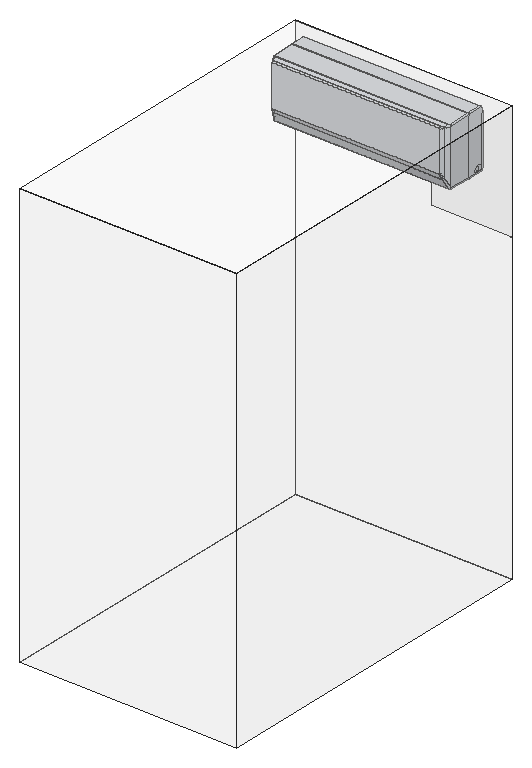
Revit family "pk-rp28112lka20_50hz", category 機械設備, Revit 2019
Family settings
  丸型コネクタ寸法 = 直径を使用
  パーツ タイプ = 標準
  OmniClass 番号 = 23.75.10.24.21.27.27
  OmniClass タイトル = Split System Air Conditioning Units
  作業面ベース = いいえ
  常に垂直 = はい
  ロード時にボイドで切り取り = いいえ
  共有 = いいえ
  部屋計算ポイント = はい
Parameters (values of type "壁掛_PK-RP28LA4")
  風量_静 (m3/min) = 6.3
  風量_強 (m3/min) = 8.7
  風量_弱 (m3/min) = 7.3
  風量_中 (m3/min) = 8
  風量 = MAX風量  # 522.0 m³/h
  音響パワーレベル_静 (dB) = 45
  音響パワーレベル_弱 (dB) = 48
  音響パワーレベル_中 (dB) = 50
  音響パワーレベル_強 (dB) = 52
  音響パワーレベル(dB) = [音響パワーレベル_強 (dB)]  # 52
  電源種別 = ""
  電源_H = 0 mm
  電圧 = 0 V
  電動機出力_送風機 = 0.03 kW
  運転質量 = 0.00 kg
  連動 = ""
  質量 = if(製品質量 > 運転質量, 製品質量, 運転質量) * 1.2  # 15.00 kg
  負荷分類 = 3_ファン類
  構成品番 = "PK-RP28LA4"
  壁掛_PK-RP80_112KA17 = no
  壁掛_PK-RP56_71KA17 = no
  壁掛_PK-RP40_50LA = yes
  冷媒液管位置-Z = 280 mm
  冷媒液管位置-Y = 23 mm
  冷媒液管位置-X = 711 mm
  冷媒ガス管位置-Z = 268 mm
  冷媒ガス管位置-Y = 23 mm
  冷媒ガス管位置-X = 642 mm
  ドレン管径 (外径) = 22 mm
  ドレン位置-Z = 274 mm
  ドレン位置-Y = 37 mm
  ドレン位置-X = 660 mm
  サービススペース PK-RP56KA～PK-RP71KA = no
  サービススペース PK-RP40LA～PK-RP50LA / PK-RP80KA～PK-RP112KA = yes
  【値が 0 の項目は組合せ形名にてご確認ください】 = ""
  URL = "https://www.mitsubishielectric.co.jp/ldg/wink/ssl/top.do"
  Space Top = 50 mm
  Space Right_1 = 260 mm
  Space Right = 150 mm
  Space Left = 50 mm
  Space Bot_2 = 250 mm
  Space Bot_1 = 7 mm
  MIN２風量 = [風量_静 (m3/min)] * 60.0 m³/h  # 378.0 m³/h
  MIN風量 = [風量_弱 (m3/min)] * 60.0 m³/h  # 438.0 m³/h
  MID風量 = [風量_中 (m3/min)] * 60.0 m³/h  # 480.0 m³/h
  MAX風量 = [風量_強 (m3/min)] * 60.0 m³/h  # 522.0 m³/h
  説明 = "店舗・事務所用パッケージエアコン(Mr.SLIM) 壁掛形<ワイヤード>"
  設計暖房能力 = 0.00 kW
  設計冷房能力_顕熱 = 0 kW
  設計冷房能力 = 0 kW
  設置方法 = "壁掛形"
  記号 = ""
  製造元 = "三菱電機株式会社"
  製品質量 = 12.50 kg
  製品出荷対象 = "国内"
  製品リリース年月 = ""
  製品グループ = ""
  系統 = ""
  符号 = "PAC_WR"
  積算_科目 = "1 空気調和設備"
  積算_拾い区分 [instance] = ""
  相 = 1
  盤記号 = ""
  発停方法 = "付属スイッチ"
  特殊仕様 = ""
  火災停止 = ""
  消費電力_暖房 = 0.02 kW
  消費電力_冷房 = 0.03 kW
  消費電力 = if(消費電力_冷房 > 消費電力_暖房, 消費電力_冷房, 消費電力_暖房)  # 0.03 kW
  法定耐用年数 = "6"
  極数 = 1
  材質 = ""
  本体マテリアル = none
  有効加湿量 = 0
  暖房能力 = 2.80 kW
  推奨ブレーカー容量 = 0 A
  形式_加湿器 = ""
  形式 = "壁掛（露出）形"
  幹線記号 = ""
  始動方式 = "直入"
  呼称 = "室内機_壁掛（露出）形"
  周波数 = 50 Hz
  吊り位置Y = 0 mm
  吊り位置X = 0 mm
  吊りボルト_H = 0 mm
  台数_手元リモコン = ""
  台数_冷媒分岐ユニット = ""
  参照している仕様書等のバージョン = "公共建築工事標準仕様書（機械設備工事編）平成31年度版"
  加湿給水管径 = 0.00 mm
  分類コード = "5.0053E+13"
  分類グループ = ""
  冷房能力 = 2.5 kW
  冷媒高低圧ガス管径 = 0.00 mm
  冷媒管径符号 = "Ac"
  冷媒管径 = 100.00 mm
  冷媒液管径 = 6.35 mm
  冷媒ガス管径 = 12.70 mm
  企業コード = "108420"
  付属品_フィルター = ""
  付属品 = ""
  仕様書バージョン = "Version1.0"
  Model = ""
  パネルマテリアル = none
  ドレン管径 = 16.00 mm
  サービススペース = yes
  コメント [instance] = ""
  ケーブル種類 = ""
  ケーブルサイズ = 0 mm
  Width = 898 mm
  Uniclass2015Version = "Systems v1.9"
  Uniclass2015Title = "Split coil remote air cooled condensing units"
  Uniclass2015Code = "Pr_70_65_03_84"
  SpecificationReference = ""
  SpecificationDescription = ""
  S_H = 356 mm
  Revision = ""
  ProductInformation = ""
  OmniClassCode = "23-33 17 13 11"
  IfcTypeProduct = ""
  IfcProduct = ""
  IfcExportType = "AIRCONDITIONINGUNIT"
  IfcExportAs = "IfcUnitaryEquipmentType"
  Height = 299 mm
  Depth = 237 mm
  価格 = 0
  Clearance Top = 50 mm
  Clearance Right = 150 mm
  Clearance Left = 50 mm
  Clearance Front = 1500 mm
  Clearance Bottom = 1800 mm
  Clearance Back = 0 mm
  Author = "三菱電機株式会社"
Reference planes
  plane 1 "中心(正面/背面)": y = 0
  plane 2: z = 11
  plane 3 "中心(左/右)": x = 0
  plane 4: x = -449
  plane 5: x = 449
  plane 6: z = -288
  plane 7: y = -242
  plane 8: y = -5
  plane 9: x = -211
  plane 10: x = -193
  plane 11: x = -262
  plane 12: y = -28
  plane 13: y = -28
  plane 14: y = -42
  plane 15: z = -269
  plane 16: z = -257
  plane 17: z = -263
  plane 18: z = 61
  plane 19: x = -499
  plane 20: x = 599
  plane 21: z = -295
  plane 22: z = -538
  plane 23: x = 189
  plane 24: y = -1742
  plane 25: z = -2088
  plane 26: x = -499
  plane 27: x = 599
  plane 28: y = -28
Forms (mm)
  Extrusion 1, solid, detail levels fine
    sketch origin (-88.875, 0, -1713) x (-1, 0, 0) y (0, 0, 1)
      loop
        line (-487.875, 1574) -> (-487.875, 1549) -> (-462.875, 1549) -> (-462.875, 1574) -> (-487.875, 1574)
    from -1 to 0
  Extrusion 2, solid, detail levels fine
    sketch origin (0, 0, 0) x (0, 1, 0) y (0, 0, 1)
      loop
        circle (-42, -263) r 11
    from 444 to 449
  Extrusion 3, solid, detail levels fine
    sketch origin (0, 0, 0) x (0, 1, 0) y (0, 0, 1)
      loop
        circle (-28, -263) r 15
    from 444 to 449
Dimensions and locks
  equal spacing: plane 5, plane 3 "中心(左/右)", plane 4
  "Width": plane 5 to plane 4
  "Height": level to plane 6
  locked: plane 8 to plane 1 "中心(正面/背面)" at 5
  "Depth": plane 7 to plane 8
  "ドレン位置-X": plane 5 to plane 9
  "冷媒ガス管位置-X": plane 5 to plane 10
  "冷媒液管位置-X": plane 5 to plane 11
  "ドレン位置-Y": plane 14 to plane 8
  "冷媒ガス管位置-Y": plane 13 to plane 8
  "冷媒液管位置-Y": plane 12 to plane 8
  "ドレン位置-Z": level to plane 17
  "冷媒ガス管位置-Z": level to plane 16
  "冷媒液管位置-Z": level to plane 15
  "Space Top": plane 18 to level
  "Space Left": plane 4 to plane 19
  "Space Right": plane 20 to plane 5
  "Space Bot_1": plane 6 to plane 21
  "Space Bot_2": plane 6 to plane 22
  "Space Right_1": plane 5 to plane 23
  equal spacing: plane 16, Extrusion 3 sketch curve, plane 15
  equal spacing: plane 12, Extrusion 3 sketch curve, plane 13
  locked: plane 5 to Extrusion 3 at 5
  "Clearance Front": plane 24 to plane 7
  "Clearance Bottom": plane 6 to plane 25
  "Clearance Left": plane 4 to plane 26
  "Clearance Right": plane 27 to plane 5
  plane 5 to Extrusion 1 sketch curve = 50 mm
  nested 3 to Extrusion 1 sketch curve = 150 mm
  "Clearance Top": nested 4 to plane 2
  "ドレン管径 (外径)": diameter of Extrusion 2 sketch curve
  aligned and locked: level to plane 2
  aligned and locked: plane 1 "中心(正面/背面)" to nested 1
  aligned and locked: plane 1 "中心(正面/背面)" to nested 2
  aligned and locked: plane 1 "中心(正面/背面)" to nested 3
  aligned and locked: level to nested 1
  aligned and locked: level to nested 3
  aligned and locked: plane 3 "中心(左/右)" to nested 2
  aligned and locked: plane 3 "中心(左/右)" to nested 1
  aligned and locked: plane 3 "中心(左/右)" to nested 3
  aligned and locked: plane 14 to Extrusion 2 sketch curve
  aligned and locked: plane 17 to Extrusion 2 sketch curve
  aligned and locked: plane 5 to Extrusion 3
  aligned and locked: plane 5 to Extrusion 2
  aligned and locked: Extrusion 3 to Extrusion 2
  aligned and locked: plane 1 "中心(正面/背面)" to nested 4
  aligned and locked: plane 24 to nested 4
  aligned and locked: plane 25 to nested 4
  aligned and locked: plane 26 to nested 4
  aligned and locked: plane 27 to nested 4
  aligned and locked: plane 18 to nested 4
  aligned and locked: plane 1 "中心(正面/背面)" to nested 5
  aligned and locked: plane 3 "中心(左/右)" to nested 5
  aligned and locked: plane 2 to nested 3
Automatic sketch dimensions
  Extrusion 1 sketch curve to plane 5 = 75 mm
  Extrusion 1 sketch curve to Extrusion 1 sketch curve = 25 mm
  radius of Extrusion 3 sketch curve = 15 mm
Nested families
  nested 1: "pk-rp40_50(la)ka17" at (0, 0, 10), type "壁掛_PK-RP40_50LA", detail levels fine
  nested 2: "pk-rp56_71(la)ka17" at (0, 0, 11), type "壁掛_PK-RP56_71KA17"
    with 壁掛_PK-RP56-71KA17 no
  nested 3: "pk-rp80_112(la)ka17" at (0, 0, 11), type "壁掛_PK-RP80_112KA17"
    with 壁掛_PK-RP80_112KA17 no, 冷媒液管径 6.35 mm, 冷媒ガス管径 12.70 mm
  nested 4: "サービススペース" at (50, -871, -1013.5), visible <- "サービススペース", type "サービススペース"
    with Width 1098 mm, Height 2149 mm, Depth 1742 mm
  nested 5: "Space View" at (0, 0, 11), Bot_1 <- "Space Bot_1", Bot_2 <- "Space Bot_2", Hight <- "Height", Left <- "Space Left", Right <- "Space Right", Right_1 <- "Space Right_1", Top <- "Space Top", Width <- "Width", Space View <- "サービススペース PK-RP40LA～PK-RP50LA / PK-RP80KA～PK-RP112KA", type "Space View"
    with Width 898 mm, Top 50 mm, Space View yes, Right_1 260 mm, Right 150 mm, Left 50 mm, Hight 299 mm, Bot_2 250 mm, Bot_1 7 mm
Connectors
  piping at (449, -42, -263), diameter 22, driven by "ドレン管径 (外径)"
    settings: on Extrusion 2, index 1, connector inside diameter 609.60 mm, connector length 0 mm, flow factor 0, pipe flow 0.0 L/s, pressure drop 0.0 Pa, fitting loss kfactor 0, connector angle 0.00°, fixture units 0, engagement length 0 mm, angle of deflection 0.00°, flow configuration 1, flow direction 2, fitting loss method 4, system type 16, joint type 0, gender type 0, connector reference index -1, connector utility 0, adjustable connector no, is connector primary yes, connector description ""
  piping at (449, -28, -263), diameter 100, driven by "冷媒管径", driven by "冷媒管径符号"
    settings: on Extrusion 3, index 2, connector inside diameter 609.60 mm, connector length 0 mm, flow factor 0, pipe flow 0.0 L/s, pressure drop 0.0 Pa, fitting loss kfactor 0, connector angle 0.00°, fixture units 0, engagement length 0 mm, angle of deflection 0.00°, flow configuration 1, flow direction 1, fitting loss method 4, system type 7, joint type 0, gender type 0, connector reference index -1, connector utility 0, adjustable connector no, is connector primary no, connector description "Ac"
  electrical at (386.5, 0, -151.5), driven by "極数", driven by "負荷分類", driven by "電圧", driven by "消費電力"
    settings: on Extrusion 1, index 3, voltage 0 V, apparent load 30 VA, apparent load phase1 0 VA, apparent load phase2 0 VA, apparent load phase3 0 VA, power factor 1, load classification "3_ファン類", number of poles 1, system type 30, power factor state 1, is connector primary yes, connector utility no, sub classification motor no, connector description ""
Definition of nested family "pk-rp40_50(la)ka17"
  Parameters (values of type "壁掛_PK-RP40_50LA")
    壁掛_PK-RP40_50LA = yes
    冷媒液管位置-Y = 37 mm
    冷媒液管位置-X = 711 mm
    冷媒ガス管位置-Y = 23 mm
    冷媒ガス管位置-X = 642 mm
    ドレン管径 (外径) = 22 mm
    ドレン位置-Y = 23 mm
    ドレン位置-X = 660 mm
    URL = ""
    Description = ""
    Manufacturer = ""
    冷媒管径符号 = "Ac"
    冷媒管径 = 100.00 mm
    冷媒液管位置-Z = 280 mm
    冷媒液管径 = 6.35 mm
    冷媒ガス管位置-Z = 268 mm
    冷媒ガス管径 = 12.70 mm
    Model = ""
    ドレン位置-Z = 274 mm
    ドレン管径 = 16.00 mm
    Width = 898 mm
    S_H = 356 mm
    Height = 299 mm
    Depth = 237 mm
    Cost = 0
  Reference planes
    plane 1 "中心(正面/背面)": y = 0
    plane 2: z = 1
    plane 3 "中心(左/右)": x = 0
    plane 4 "UNDER": z = -298
    plane 5 "Left": x = -449
    plane 6: x = 449
    plane 7 "Fkidasi_L": x = -400
    plane 8 "Fkidasi_X": x = -262
    plane 9 "Fkidasi_Y": x = -193
    plane 10: y = -5
    plane 11: y = -42
    plane 12: y = -242
    plane 13: z = -279
    plane 14: z = -267
    plane 15: z = -273
    plane 16: y = -28
    plane 17: y = -28
    plane 18: x = -211
    plane 19: z = 1
    plane 20: x = 0
    plane 21: x = 0
  Forms (mm)
    Extrusion 1, void, detail levels fine
      sketch origin (0, 75, -2499) x (0, -1, 0) y (0, 0, 1)
        loop
          line (89, 2500) -> (80, 2500) -> (80, 2487) -> (89, 2500)
      from 449 to -449
    Extrusion 2, solid, visible <- "壁掛_PK-RP40_50LA", detail levels fine
      sketch origin (0, 0, -2509.072) x (-1, 0, 0) y (0, 0, 1)
        loop
          line (449, 2485.072) -> (-449, 2485.072) -> (-449, 2224.072) -> (449, 2224.072) -> (449, 2485.072)
      from 0 to -5
    Extrusion 3, solid, visible <- "壁掛_PK-RP40_50LA", detail levels fine
      sketch origin (0, -5, -2499) x (0, 0, -1) y (-1, 0, 0)
        loop
          line (-2500, 444) -> (-2500, -444)
          arc (-2500, -444) -> (-2498.536, -447.536) -> (-2495, -449) r 5
          line (-2495, -449) -> (-2206, -449)
          arc (-2206, -449) -> (-2202.464, -447.536) -> (-2201, -444) r 5
          line (-2201, -444) -> (-2201, 444)
          arc (-2201, 444) -> (-2202.464, 447.536) -> (-2206, 449) r 5
          line (-2206, 449) -> (-2495, 449)
          arc (-2495, 449) -> (-2498.536, 447.536) -> (-2500, 444) r 5
      from 0 to -83
    Blend 4, solid, visible <- "壁掛_PK-RP40_50LA"
      base sketch origin (0, -202, -1799) x (0, 0, 1) y (1, 0, 0)
        loop
          line (1796, -444) -> (1796, 444)
          arc (1796, 444) -> (1794.536, 447.536) -> (1791, 449) r 5
          line (1791, 449) -> (1515, 449)
          arc (1515, 449) -> (1508.636, 446.364) -> (1506, 440) r 9
          line (1506, 440) -> (1506, -440)
          arc (1506, -440) -> (1508.636, -446.364) -> (1515, -449) r 9
          line (1515, -449) -> (1791, -449)
          arc (1791, -449) -> (1794.536, -447.536) -> (1796, -444) r 5
      top sketch origin (0, -202, -1799) x (0, 0, 1) y (1, 0, 0)
        loop
          line (1793, -427) -> (1793, 427)
          arc (1793, 427) -> (1791.536, 430.536) -> (1788, 432) r 5
          line (1788, 432) -> (1559, 432)
          arc (1559, 432) -> (1555.464, 430.536) -> (1554, 427) r 5
          line (1554, 427) -> (1554, -427)
          arc (1554, -427) -> (1555.464, -430.536) -> (1559, -432) r 5
          line (1559, -432) -> (1788, -432)
          arc (1788, -432) -> (1791.536, -430.536) -> (1793, -427) r 5
      from 0 to -25
    Blend 5, solid, visible <- "壁掛_PK-RP40_50LA", detail levels fine
      base sketch origin (0, -227, -1799) x (0, 0, 1) y (1, 0, 0)
        loop
          arc (1793, 427) -> (1791.536, 430.536) -> (1788, 432) r 5
          line (1788, 432) -> (1559, 432)
          arc (1559, 432) -> (1555.464, 430.536) -> (1554, 427) r 5
          line (1554, 427) -> (1554, -427)
          arc (1554, -427) -> (1555.464, -430.536) -> (1559, -432) r 5
          line (1559, -432) -> (1788, -432)
          arc (1788, -432) -> (1791.536, -430.536) -> (1793, -427) r 5
          line (1793, -427) -> (1793, 427)
      top sketch origin (0, -227, -1799) x (0, 0, 1) y (1, 0, 0)
        loop
          line (1793, -419) -> (1793, 419)
          arc (1793, 419) -> (1791.536, 422.536) -> (1788, 424) r 5
          line (1788, 424) -> (1590, 424)
          arc (1590, 424) -> (1586.464, 422.536) -> (1585, 419) r 5
          line (1585, 419) -> (1585, -419)
          arc (1585, -419) -> (1586.464, -422.536) -> (1590, -424) r 5
          line (1590, -424) -> (1788, -424)
          arc (1788, -424) -> (1791.536, -422.536) -> (1793, -419) r 5
      from 0 to -15
    Blend 6, solid, visible <- "壁掛_PK-RP40_50LA", detail levels fine
      base sketch origin (62.5, -88, -1799) x (0, 0, 1) y (1, 0, 0)
        loop
          arc (1800, 381.5) -> (1798.536, 385.036) -> (1795, 386.5) r 5
          line (1795, 386.5) -> (1506, 386.5)
          arc (1506, 386.5) -> (1502.464, 385.036) -> (1501, 381.5) r 5
          line (1501, 381.5) -> (1501, -506.5)
          arc (1501, -506.5) -> (1502.464, -510.036) -> (1506, -511.5) r 5
          line (1506, -511.5) -> (1795, -511.5)
          arc (1795, -511.5) -> (1798.536, -510.036) -> (1800, -506.5) r 5
          line (1800, -506.5) -> (1800, 381.5)
      top sketch origin (62.5, -88, -1799) x (0, 0, 1) y (1, 0, 0)
        loop
          line (1796, -506.5) -> (1796, 381.5)
          arc (1796, 381.5) -> (1794.536, 385.036) -> (1791, 386.5) r 5
          line (1791, 386.5) -> (1511, 386.5)
          arc (1511, 386.5) -> (1507.464, 385.036) -> (1506, 381.5) r 5
          line (1506, 381.5) -> (1506, -502.5)
          arc (1506, -502.5) -> (1508.636, -508.864) -> (1515, -511.5) r 9
          line (1515, -511.5) -> (1791, -511.5)
          arc (1791, -511.5) -> (1794.536, -510.036) -> (1796, -506.5) r 5
      from 0 to -114
    Sweep 7, solid, visible <- "壁掛_PK-RP40_50LA", detail levels fine
      path origin (0, 75, -1799) x (-1, 0, 0) y (0, 0, 1)
        loop
          line (262, 1521) -> (-271, 1521)
      profile origin (4.5, 75, -278) x (0, 0, -1) y (0, 1, 0)
        loop
          circle (1, -103) r 3.175
    Sweep 8, solid, visible <- "壁掛_PK-RP40_50LA", detail levels fine
      path origin (0, 75, -1799) x (-1, 0, 0) y (0, 0, 1)
        loop
          line (-257, 1533) -> (193, 1533)
      profile origin (32, 75, -266) x (0, 0, 1) y (0, 1, 0)
        loop
          circle (-1, -103) r 6.35
    Sweep 9, solid, visible <- "壁掛_PK-RP40_50LA", detail levels fine
      path origin (0, 75, -1799) x (-1, 0, 0) y (0, 0, 1)
        loop
          line (211, 1527) -> (-289, 1527)
      profile origin (39, 75, -272) x (0, 0, -1) y (0, 1, 0)
        loop
          circle (1, -117) r 11
  Cuts and joins
    Extrusion 1 cuts Extrusion 3
  Lines and regions (mm)
    model lines, visible <- "壁掛_PK-RP40_50LA", detail levels fine
      curve 1: line (274, -5, -298) -> (274, -54, -298)
      curve 2: line (292, -72, -298) -> (331, -72, -298)
      curve 3: line (349, -54, -298) -> (349, -5, -298)
      curve 4: line (324, -54, -298) -> (324, -5, -298)
      curve 5: arc (292, -72, -298) -> (279.272, -66.728, -298) -> (274, -54, -298) r 18
      curve 6: arc (306, -72, -298) -> (318.728, -66.728, -298) -> (324, -54, -298) r 18
      curve 7: arc (331, -72, -298) -> (343.728, -66.728, -298) -> (349, -54, -298) r 18
      curve 8: line (-430, -5, -298) -> (-430, -54, -298)
      curve 9: line (-412, -72, -298) -> (-378, -72, -298)
      curve 10: line (-360, -54, -298) -> (-360, -5, -298)
      curve 11: line (-399.073, -53.123, -298) -> (-399.073, -5, -298)
      curve 12: arc (-412, -72, -298) -> (-424.728, -66.728, -298) -> (-430, -54, -298) r 18
      curve 13: arc (-399.073, -53.123, -298) -> (-394.55, -65.481, -298) -> (-383.118, -72, -298) r 19.145
      curve 14: arc (-360, -54, -298) -> (-365.272, -66.728, -298) -> (-378, -72, -298) r 18
      curve 15: line (366.5, -202, -293) -> (366.5, -208.929, -279.696)
      curve 16: line (366.5, -208.929, -279.696) -> (326.5, -208.929, -279.696)
      curve 17: line (326.5, -208.929, -279.696) -> (326.5, -202, -293)
      curve 18: line (326.5, -202, -293) -> (326.5, -188.513, -293.592)
      curve 19: line (326.5, -188.513, -293.592) -> (366.5, -188.513, -293.592)
      curve 20: line (366.5, -188.513, -293.592) -> (366.5, -202, -293)
      curve 21: line (449, -5, -229) -> (449, -52, -229)
      curve 22: line (449, -70, -247) -> (449, -70, -270)
      curve 23: line (449, -52, -288) -> (449, -5, -288)
      curve 24: line (449, -49.143, -241) -> (449, -5, -241)
      curve 25: arc (449, -52, -288) -> (449, -64.728, -282.728) -> (449, -70, -270) r 18
      curve 26: arc (449, -52, -229) -> (449, -64.728, -234.272) -> (449, -70, -247) r 18
      curve 27: arc (449, -70, -261.857) -> (449, -63.891, -247.109) -> (449, -49.143, -241) r 20.857
      curve 28: line (-449, -5, -288) -> (-449, -52, -288)
      curve 29: line (-449, -70, -270) -> (-449, -70, -236)
      curve 30: line (-449, -52, -218) -> (-449, -5, -218)
      curve 31: line (-449, -5, -238) -> (-449, -52, -238)
      curve 32: arc (-449, -52, -288) -> (-449, -64.728, -282.728) -> (-449, -70, -270) r 18
      curve 33: arc (-449, -70, -236) -> (-449, -64.728, -223.272) -> (-449, -52, -218) r 18
      curve 34: arc (-449, -70, -256) -> (-449, -64.728, -243.272) -> (-449, -52, -238) r 18
      curve 35: line (-400, -227, -245) -> (-400, -202, -293)
      curve 36: line (250, -227, -245) -> (250, -202, -293)
      curve 37: line (250, -202, -293) -> (250, -88, -298)
      curve 38: line (-400, -200.122, -293.082) -> (-400, -88, -298)
  Dimensions and locks
    "Width": plane 5 "Left" to plane 6
    plane 5 "Left" to plane 3 "中心(左/右)" to plane 6 = 449 mm, 449 mm
    equal spacing: plane 5 "Left", plane 3 "中心(左/右)", plane 6
    "Depth": plane 10 to plane 12
    "ドレン位置-Z": level to plane 15
    "冷媒ガス管位置-Z": level to plane 14
    "冷媒液管位置-Z": level to plane 13
    "Height": level to plane 4 "UNDER"
    "ドレン位置-Y": plane 10 to plane 17
    "冷媒ガス管位置-Y": plane 10 to plane 16
    "冷媒液管位置-Y": plane 10 to plane 11
    "冷媒液管位置-X": plane 6 to plane 8 "Fkidasi_X"
    "冷媒ガス管位置-X": plane 6 to plane 9 "Fkidasi_Y"
    "ドレン位置-X": plane 6 to plane 18
    locked: plane 10 to plane 1 "中心(正面/背面)" at 5
    "冷媒液管径": diameter of Sweep 7 sketch curve
    "冷媒ガス管径": diameter of Sweep 8 sketch curve
    "ドレン管径 (外径)": diameter of Sweep 9 sketch curve
    aligned and locked: level to plane 2
    aligned and locked: Sweep 8 to plane 9 "Fkidasi_Y"  (x2)
    aligned and locked: Sweep 7 to plane 8 "Fkidasi_X"
    aligned and locked: plane 12 to Blend 5
    aligned and locked: plane 15 to Sweep 9 sketch curve
    aligned and locked: plane 14 to Sweep 8 sketch curve
    aligned and locked: plane 13 to Sweep 7 sketch curve
    aligned and locked: plane 17 to Sweep 7 sketch curve
    aligned and locked: plane 16 to Sweep 8 sketch curve
    aligned and locked: plane 11 to Sweep 9 sketch curve
    aligned and locked: plane 20 to plane 3 "中心(左/右)"
    aligned and locked: plane 21 to plane 20
  Automatic sketch dimensions
    Extrusion 1 sketch curve to plane 10 = 0 mm
    Extrusion 1 sketch curve to plane 10 = 9 mm
    Extrusion 2 sketch curve to plane 6 = 0 mm
    plane 5 "Left" to Extrusion 2 sketch curve = 0 mm
    Extrusion 2 sketch curve to level = 286 mm
    Extrusion 3 sketch curve to plane 6 = 0 mm
    plane 5 "Left" to Extrusion 3 sketch curve = 0 mm
    Extrusion 3 sketch curve to level = 299 mm
    Extrusion 3 sketch curve to level = 294 mm  (x2)
    plane 5 "Left" to Blend 4 sketch curve = 0 mm
    Blend 4 sketch curve to plane 6 = 0 mm
    Blend 4 sketch curve to level = 294 mm
    Blend 4 sketch curve to Blend 4 sketch curve = 9 mm  (x2)
    Blend 4 sketch curve to plane 6 = 5 mm
    Blend 4 sketch curve to plane 6 = 22 mm
    Blend 4 sketch curve to level = 246 mm
    Blend 4 sketch curve to Blend 4 sketch curve = 5 mm  (x4)
    Blend 4 sketch curve to plane 5 "Left" = 22 mm
    Blend 5 sketch curve to level = 246 mm
    Blend 5 sketch curve to Blend 5 sketch curve = 5 mm  (x7)
    Blend 5 sketch curve to plane 5 "Left" = 17 mm
    Blend 5 sketch curve to plane 6 = 22 mm
    Blend 5 sketch curve to plane 7 "Fkidasi_L" = 19 mm
    Blend 5 sketch curve to level = 215 mm
    Blend 5 sketch curve to plane 6 = 30 mm
    Blend 6 sketch curve to level = 299 mm
    Blend 6 sketch curve to plane 6 = 0 mm  (x2)
    plane 5 "Left" to Blend 6 sketch curve = 0 mm  (x2)
    Blend 6 sketch curve to level = 294 mm  (x3)
    Blend 6 sketch curve to plane 6 = 5 mm  (x2)
    Blend 6 sketch curve to Blend 6 sketch curve = 9 mm
    curve 11 to Extrusion 3 = 0 mm
    curve 1 to Extrusion 3 = 0 mm
    curve 8 to Extrusion 3 = 0 mm
    curve 4 to Extrusion 3 = 0 mm
    curve 3 to Extrusion 3 = 0 mm
    curve 10 to Extrusion 3 = 0 mm
    curve 13 to Extrusion 3 = 34.877 mm
    curve 12 to curve 13 = 0.877 mm
    curve 10 to curve 13 = 0.877 mm
    curve 3 to Extrusion 3 = 34 mm
    curve 4 to curve 7 = 0 mm
    curve 9 to Extrusion 3 = 16 mm
    curve 2 to Extrusion 3 = 16 mm
    Extrusion 3 to curve 3 = 95 mm
    curve 7 to curve 4 = 7 mm
    curve 6 to curve 2 = 14 mm
    Extrusion 3 to curve 10 = 84 mm
    curve 14 to curve 13 = 1.927 mm
    curve 13 to curve 11 = 19.145 mm
    curve 13 to curve 12 = 12.927 mm
    curve 35 to Blend 4 = 0 mm
    Blend 4 to curve 35 = 0 mm
    Blend 4 to curve 36 = 0 mm
    curve 36 to Blend 4 = 0 mm
    curve 17 to Blend 4 = 0 mm
    curve 15 to Blend 4 = 0 mm
    Blend 4 to curve 17 = 15 mm
    curve 17 to Blend 4 = 106.857 mm
    curve 16 to curve 15 = 40 mm
    curve 36 to curve 17 = 76.5 mm
    curve 35 to curve 36 = 650 mm
    curve 38 to Blend 6 = 0 mm
    curve 37 to Blend 6 = 0 mm
    Blend 6 to curve 37 = 0 mm
    Blend 6 to curve 18 = 0 mm
    Blend 6 to curve 20 = 0 mm
    Blend 6 to curve 19 = 13.5 mm
    curve 19 to Blend 6 = 117.5 mm
    curve 18 to curve 19 = 40 mm
    curve 37 to curve 18 = 76.5 mm
    curve 38 to curve 37 = 650 mm
    Blend 6 to curve 38 = 1.879 mm
    curve 21 to Extrusion 3 = 0 mm
    curve 24 to Extrusion 3 = 0 mm
    curve 23 to Extrusion 3 = 0 mm
    curve 21 to curve 24 = 12 mm
    Extrusion 3 to curve 22 = 18 mm
    curve 24 to curve 22 = 6 mm
    curve 26 to curve 27 = 14.857 mm
    curve 27 to curve 25 = 8.143 mm
    curve 23 to Extrusion 3 = 5 mm
    curve 28 to Extrusion 3 = 0 mm
    curve 31 to Extrusion 3 = 0 mm
    curve 30 to Extrusion 3 = 0 mm
    curve 28 to Extrusion 3 = 5 mm
    curve 29 to Extrusion 3 = 23 mm
    curve 32 to curve 34 = 14 mm
    curve 34 to curve 31 = 18 mm
    curve 34 to curve 33 = 2 mm
    curve 33 to curve 30 = 18 mm
    Extrusion 3 to curve 32 = 36 mm
    Sweep 7 sketch curve to plane 8 "Fkidasi_X" = 0 mm
    Sweep 8 sketch curve to plane 9 "Fkidasi_Y" = 0 mm
    Sweep 9 sketch curve to plane 9 "Fkidasi_Y" = 18 mm
    Extrusion 1 sketch curve to level = 13 mm
    Extrusion 1 sketch curve to level = 0 mm
    Extrusion 2 sketch curve to level = 25 mm
    Extrusion 3 sketch curve to level = 5 mm  (x2)
    Extrusion 3 sketch curve to level = 0 mm
    Blend 4 sketch curve to level = 9 mm  (x2)
    Blend 4 sketch curve to level = 12 mm
    Blend 5 sketch curve to level = 12 mm  (x3)
    Blend 6 sketch curve to level = 5 mm  (x2)
    Blend 6 sketch curve to level = 0 mm
    Blend 6 sketch curve to level = 9 mm  (x2)
    plane 13 to Sweep 7 sketch curve = 1 mm
    plane 14 to Sweep 8 sketch curve = 1 mm
    plane 15 to Sweep 9 sketch curve = 1 mm
    curve 5 to curve 6 = 0 mm
    Sweep 7 sketch curve to plane 6 = 178 mm
    Sweep 8 sketch curve to plane 6 = 192 mm
    Sweep 9 sketch curve to plane 6 = 160 mm
    curve 22 to Extrusion 3 = 23 mm
Definition of nested family "サービススペース"
  Parameters (values of type "サービススペース")
    Width [instance] = 500 mm
    Height [instance] = 500 mm
    Depth [instance] = 500 mm
  Reference planes
    plane 1 "中心(正面/背面)": y = 0
    plane 2: z = 0
    plane 3 "中心(左/右)": x = 0
    plane 4: y = -250
    plane 5: x = 250
    plane 6: y = 250
    plane 7: x = -250
    plane 8: z = 250
    plane 9: z = -250
  Forms (mm)
    Extrusion 1, solid
      sketch origin (-638.939, 0, 72.39) x (1, 0, 0) y (0, 1, 0)
        loop
          line (388.939, 250) -> (388.939, -250) -> (888.939, -250) -> (888.939, 250) -> (388.939, 250)
      from -322.39 to 177.61
  Lines and regions (mm)
    symbolic lines
      curve 1: line (-250, 0, 250) -> (250, 0, 250)
      curve 2: line (-250, 0, -250) -> (-250, 0, 250)
      curve 3: line (250, 0, -250) -> (-250, 0, -250)
      curve 4: line (250, 0, 250) -> (250, 0, -250)
      curve 5: line (0, -250, 250) -> (0, 250, 250)
      curve 6: line (0, -250, -250) -> (0, -250, 250)
      curve 7: line (0, 250, -250) -> (0, -250, -250)
      curve 8: line (0, 250, 250) -> (0, 250, -250)
      curve 9: line (-250, 250, 0) -> (250, 250, 0)
      curve 10: line (-250, -250, 0) -> (-250, 250, 0)
      curve 11: line (250, -250, 0) -> (-250, -250, 0)
      curve 12: line (250, 250, 0) -> (250, -250, 0)
  Dimensions and locks
    equal spacing: plane 7, plane 3 "中心(左/右)", plane 5
    equal spacing: plane 4, plane 1 "中心(正面/背面)", plane 6
    "Depth": plane 4 to plane 6
    "Width": plane 7 to plane 5
    equal spacing: plane 8, plane 2, plane 9
    "Height": plane 8 to plane 9
    aligned and locked: plane 9 to curve 3
    aligned and locked: plane 7 to curve 2
    aligned and locked: curve 4 to plane 5
    aligned and locked: plane 5 to Extrusion 1
    aligned and locked: Extrusion 1 to plane 7
    aligned and locked: Extrusion 1 to plane 9
    aligned and locked: plane 8 to Extrusion 1
    aligned and locked: plane 9 to curve 7
  Automatic sketch dimensions
    plane 4 to Extrusion 1 sketch curve = 0 mm
    Extrusion 1 sketch curve to plane 7 = 0 mm
    Extrusion 1 sketch curve to plane 5 = 0 mm
    plane 6 to Extrusion 1 sketch curve = 0 mm
    curve 2 to plane 8 = 0 mm
    plane 4 to curve 11 = 0 mm
    curve 11 to plane 7 = 0 mm
    curve 11 to plane 5 = 0 mm
    plane 6 to curve 10 = 0 mm
    curve 7 to plane 4 = 0 mm
    curve 7 to plane 6 = 0 mm
    curve 6 to plane 8 = 0 mm
Definition of nested family "Space View"
  Parameters (values of type "Space View")
    Width [instance] = 898 mm
    Top [instance] = 50 mm
    Space View [instance] = yes
    Right_1 [instance] = 260 mm
    Right [instance] = 150 mm
    Left [instance] = 50 mm
    Hight [instance] = 299 mm
    Bot_2 [instance] = 250 mm
    Bot_1 [instance] = 7 mm
  Reference planes
    plane 1 "Center (Front/Back)": y = 0
    plane 2: z = 0
    plane 3 "Center (Left/Right)": x = 0
    plane 4: x = -499
    plane 5: z = 50
    plane 6: x = 599
    plane 7: z = -306
    plane 8: z = -549
    plane 9: x = -449
    plane 10: x = 449
    plane 11: z = -299
    plane 12: x = 189
  Forms (mm)
    Extrusion 1, solid, visible <- "Space View"
      sketch origin (0, 0, -1800) x (-1, 0, 0) y (0, 0, 1)
        loop
          line (499, 1850) -> (-599, 1850) -> (-599, 1251) -> (-189, 1251) -> (-189, 1494) -> (499, 1494) -> (499, 1850)
      from 0 to -1
  Dimensions and locks
    equal spacing: plane 10, plane 3 "Center (Left/Right)", plane 9
    "Width": plane 10 to plane 9
    "Right": plane 10 to plane 6
    "Left": plane 9 to plane 4
    "Hight": level to plane 11
    "Bot_1": plane 11 to plane 7
    "Bot_2": plane 11 to plane 8
    "Top": plane 5 to level
    "Right_1": plane 12 to plane 10
    aligned and locked: level to plane 2
    aligned and locked: Extrusion 1 to plane 4
    aligned and locked: plane 5 to Extrusion 1
    aligned and locked: plane 6 to Extrusion 1
    aligned and locked: plane 7 to Extrusion 1
    aligned and locked: plane 8 to Extrusion 1
    aligned and locked: plane 5 to Extrusion 1 sketch curve
    aligned and locked: Extrusion 1 sketch curve to plane 4
    aligned and locked: Extrusion 1 sketch curve to plane 7
    aligned and locked: Extrusion 1 sketch curve to plane 8
    aligned and locked: Extrusion 1 sketch curve to plane 6
    aligned and locked: plane 12 to Extrusion 1
  Automatic sketch dimensions
    plane 10 to Extrusion 1 sketch curve = 260 mm
Definition of nested family "pk-rp56_71(la)ka17"
  Parameters (values of type "壁掛_PK-RP56_71KA17")
    壁掛_PK-RP56-71KA17 = yes
    冷媒液管位置-Z = 250 mm
    冷媒液管位置-Y = 25 mm
    冷媒液管位置-X = 673 mm
    冷媒ガス管位置-Z = 270 mm
    冷媒ガス管位置-Y = 25 mm
    冷媒ガス管位置-X = 603 mm
    ドレン管径 (外径) = 22 mm
    ドレン位置-Z = 300 mm
    ドレン位置-Y = 25 mm
    ドレン位置-X = 733 mm
    URL = ""
    Description = ""
    Manufacturer = ""
    冷媒管径符号 = "Ac"
    冷媒管径 = 100.00 mm
    冷媒液管径 = 6.35 mm
    冷媒ガス管径 = 12.70 mm
    Model = ""
    ドレン管径 = 16.00 mm
    Width = 1100 mm
    S_H = 404 mm
    Height = 325 mm
    Depth = 258 mm
    Cost = 0
  Reference planes
    plane 1 "中心(正面/背面)": y = 0
    plane 2: z = 0
    plane 3 "中心(左/右)": x = 0
    plane 4 "TOP": z = 0
    plane 5 "UNDER": z = -325
    plane 6 "Left": x = -550
    plane 7: x = 550
    plane 8 "Fkidasi_V": z = -332
    plane 9 "Fkidasi_Z": z = -300
    plane 10 "Fkidasi_AA": z = -270
    plane 11 "Fkidasi_BB": z = -250
    plane 12: x = 377
    plane 13 "Fkidasi_CC": x = -183
    plane 14 "Fkidasi_DD": x = -123
    plane 15 "Fkidasi_EE": x = -53
    plane 16: y = -5
    plane 17: y = -263
    plane 18: y = -30
    plane 19: y = -30
    plane 20: y = -30
    plane 21: z = 0
    plane 22: x = 0
  Forms (mm)
    Sweep 1, solid, visible <- "壁掛_PK-RP56-71KA17", detail levels fine
      path origin (0, 85, -1776) x (-1, 0, 0) y (0, 0, 1)
        loop
          line (-377, 1506) -> (53, 1506)
      profile origin (162, 85, -270) x (0, 0, 1) y (0, 1, 0)
        loop
          circle (0, -115) r 6.35
    Sweep 2, solid, visible <- "壁掛_PK-RP56-71KA17", detail levels fine
      path origin (0, 85, -1744) x (-1, 0, 0) y (0, 0, 1)
        loop
          line (123, 1494) -> (-377, 1494)
      profile origin (127, 85, -250) x (0, 0, -1) y (0, 1, 0)
        loop
          circle (0, -115) r 3.175
    Sweep 3, solid, visible <- "壁掛_PK-RP56-71KA17", detail levels fine
      path origin (0, 75, -1850) x (-1, 0, 0) y (0, -1, 0)
        loop
          line (183, 105) -> (-377, 105)
      profile origin (97, -30, -1850) x (0, 1, 0) y (0, 0, 1)
        loop
          circle (0, 1550) r 11
    Extrusion 4, solid, visible <- "壁掛_PK-RP56-71KA17"
      sketch origin (-572, -4.93, 72) x (0, 0, -1) y (0, -1, 0)
        loop
          arc (72, 6.933) -> (72.338, 5.549) -> (73.277, 4.477) r 3
          line (73.277, 4.477) -> (78.269, 0.976)
          arc (78.269, 0.976) -> (79.634, 0.302) -> (81.14, 0.07) r 5
          line (81.14, 0.07) -> (93.863, 0.07) -> (93.863, -3.73)
          arc (93.863, -3.73) -> (94.214, -4.579) -> (95.063, -4.93) r 1.2
          line (95.063, -4.93) -> (382.983, -4.93)
          arc (382.983, -4.93) -> (383.752, -4.777) -> (384.402, -4.34) r 2
          line (384.402, -4.34) -> (391.687, 2.995) -> (393.576, 2.486) -> (396.064, 2.486) -> (396.064, 74.487) -> (397, 74.487) -> (396.249, 96.275)
          arc (396.249, 96.275) -> (386.433, 144.686) -> (361.405, 187.272) r 149.804
          arc (361.405, 187.272) -> (360.715, 187.808) -> (359.863, 187.999) r 2
          line (359.863, 187.999) -> (351.218, 187.999) -> (351.218, 189.494) -> (358.547, 189.494)
          arc (358.547, 189.494) -> (359.077, 189.813) -> (359.045, 190.43) r 0.6
          arc (359.045, 190.43) -> (356.535, 194.254) -> (354.116, 198.136) r 193.914
          arc (354.116, 198.136) -> (346.059, 210.496) -> (337.22, 222.309) r 228.274
          line (337.22, 222.309) -> (330.325, 231.46)
          arc (330.325, 231.46) -> (329.848, 231.872) -> (329.245, 232.052) r 1.5
          arc (329.245, 232.052) -> (268.628, 247.266) -> (206.817, 256.492) r 639.712
          arc (206.817, 256.492) -> (187.622, 257.823) -> (168.382, 258) r 320.323
          arc (168.382, 258) -> (152.854, 257.385) -> (137.36, 256.189) r 414.965
          arc (137.36, 256.189) -> (135.749, 255.382) -> (135.1, 253.701) r 2.5
          line (135.1, 253.701) -> (135.1, 238.591) -> (133.187, 234.008)
          arc (133.187, 234.008) -> (111.703, 220.588) -> (95.132, 201.429) r 84.941
          arc (95.132, 201.429) -> (91.762, 195.916) -> (88.556, 190.306) r 219.053
          arc (88.556, 190.306) -> (88.564, 189.763) -> (89.035, 189.494) r 0.547
          line (89.035, 189.494) -> (93.338, 189.494) -> (92.464, 187.999) -> (86.86, 187.999)
          arc (86.86, 187.999) -> (86.322, 187.842) -> (85.953, 187.421) r 1
          arc (85.953, 187.421) -> (81.274, 174.893) -> (78.608, 161.789) r 85.448
          arc (78.608, 161.789) -> (73.655, 125.49) -> (72, 88.891) r 405.418
          line (72, 88.891) -> (72, 6.933)
      from -1122 to -22
  Lines and regions (mm)
    model lines, visible <- "壁掛_PK-RP56-71KA17", detail levels fine
      curve 1: line (550, -79.418, -324.064) -> (550, -79.418, 0)
      curve 2: line (550, 0, -241.868) -> (550, -79.418, -241.868)
      curve 3: line (550, 0, -243.128) -> (550, -64.595, -243.128)
      curve 4: line (550, -72.595, -251.128) -> (550, -72.595, -311.603)
      curve 5: line (550, -64.595, -319.603) -> (550, -7.841, -319.603)
      curve 6: arc (550, -64.595, -243.128) -> (550, -70.251, -245.471) -> (550, -72.595, -251.128) r 8
      curve 7: arc (550, -72.595, -311.603) -> (550, -70.251, -317.26) -> (550, -64.595, -319.603) r 8
      curve 8: line (-550, -79.418, -324.064) -> (-550, -79.418, 0)
      curve 9: line (-550, 0, -241.868) -> (-550, -79.418, -241.868)
      curve 10: line (-550, 0, -243.128) -> (-550, -64.595, -243.128)
      curve 11: line (-550, -72.595, -251.128) -> (-550, -72.595, -311.603)
      curve 12: line (-550, -64.595, -319.603) -> (-550, -7.841, -319.603)
      curve 13: arc (-550, -64.595, -243.128) -> (-550, -70.251, -245.471) -> (-550, -72.595, -251.128) r 8
      curve 14: arc (-550, -72.595, -311.603) -> (-550, -70.251, -317.26) -> (-550, -64.595, -319.603) r 8
  Dimensions and locks
    equal spacing: plane 7, plane 3 "中心(左/右)", plane 6 "Left"
    "Width": plane 6 "Left" to plane 7
    "Height": plane 5 "UNDER" to plane 4 "TOP"
    plane 8 "Fkidasi_V" to plane 5 "UNDER" = 7 mm
    plane 12 to plane 7 = 173 mm
    plane 12 to plane 13 "Fkidasi_CC" = 560 mm
    "冷媒液管位置-Z": plane 4 "TOP" to plane 11 "Fkidasi_BB"
    "冷媒ガス管位置-Z": plane 4 "TOP" to plane 10 "Fkidasi_AA"
    "ドレン位置-Z": plane 4 "TOP" to plane 9 "Fkidasi_Z"
    equal spacing: plane 6 "Left", plane 3 "中心(左/右)", plane 7
    plane 5 "UNDER" to plane 8 "Fkidasi_V" = 7 mm
    locked: plane 16 to plane 1 "中心(正面/背面)" at 5
    "Depth": plane 17 to plane 16
    "ドレン位置-Y": plane 18 to plane 16
    "冷媒ガス管位置-Y": plane 19 to plane 16
    "冷媒液管位置-Y": plane 20 to plane 16
    "冷媒ガス管位置-X": plane 7 to plane 15 "Fkidasi_EE"
    "冷媒液管位置-X": plane 7 to plane 14 "Fkidasi_DD"
    "ドレン位置-X": plane 7 to plane 13 "Fkidasi_CC"
    "冷媒ガス管径": diameter of Sweep 1 sketch curve
    "冷媒液管径": diameter of Sweep 2 sketch curve
    "ドレン管径 (外径)": diameter of Sweep 3 sketch curve
    aligned and locked: level to plane 2
    aligned and locked: plane 15 "Fkidasi_EE" to Sweep 1 sketch curve
    aligned and locked: plane 9 "Fkidasi_Z" to Sweep 3 sketch curve
    aligned and locked: plane 10 "Fkidasi_AA" to Sweep 1 sketch curve
    aligned and locked: plane 11 "Fkidasi_BB" to Sweep 2 sketch curve
    aligned and locked: plane 18 to Sweep 1 sketch curve
    aligned and locked: plane 19 to Sweep 2 sketch curve
    aligned and locked: plane 20 to Sweep 3 sketch curve
    aligned and locked: Sweep 2 to plane 14 "Fkidasi_DD"
    aligned and locked: Sweep 3 to plane 13 "Fkidasi_CC"
    aligned and locked: plane 15 "Fkidasi_EE" to Sweep 1
    aligned and locked: plane 22 to plane 3 "中心(左/右)"
  Automatic sketch dimensions
    Sweep 1 sketch curve to plane 10 "Fkidasi_AA" = 0 mm
    Sweep 1 sketch curve to plane 12 = 0 mm
    Sweep 2 sketch curve to plane 11 "Fkidasi_BB" = 0 mm
    Sweep 2 sketch curve to plane 12 = 0 mm
    plane 14 "Fkidasi_DD" to Sweep 2 sketch curve = 0 mm
    Sweep 3 sketch curve to plane 12 = 0 mm
    Sweep 3 sketch curve to plane 13 "Fkidasi_CC" = 0 mm
    Extrusion 4 sketch curve to Extrusion 4 sketch curve = 1.277 mm
    Extrusion 4 sketch curve to Extrusion 4 sketch curve = 4.991 mm
    Extrusion 4 sketch curve to Extrusion 4 sketch curve = 2.871 mm
    Extrusion 4 sketch curve to Extrusion 4 sketch curve = 2.175 mm
    Extrusion 4 sketch curve to Extrusion 4 sketch curve = 3.429 mm
    Extrusion 4 sketch curve to Extrusion 4 sketch curve = 0.874 mm
    Extrusion 4 sketch curve to Extrusion 4 sketch curve = 12.723 mm
    Extrusion 4 sketch curve to Extrusion 4 sketch curve = 1.2 mm
    Extrusion 4 sketch curve to Extrusion 4 sketch curve = 39.849 mm
    Extrusion 4 sketch curve to Extrusion 4 sketch curve = 1.913 mm
    Extrusion 4 sketch curve to Extrusion 4 sketch curve = 2.5 mm
    Extrusion 4 sketch curve to Extrusion 4 sketch curve = 86.959 mm
    Extrusion 4 sketch curve to Extrusion 4 sketch curve = 4.457 mm
    Extrusion 4 sketch curve to Extrusion 4 sketch curve = 3.528 mm
    Extrusion 4 sketch curve to Extrusion 4 sketch curve = 79.998 mm
    Extrusion 4 sketch curve to Extrusion 4 sketch curve = 1.973 mm
    Extrusion 4 sketch curve to Extrusion 4 sketch curve = 87.575 mm
    Extrusion 4 sketch curve to Extrusion 4 sketch curve = 33.791 mm
    Extrusion 4 sketch curve to Extrusion 4 sketch curve = 1.198 mm
    Extrusion 4 sketch curve to Extrusion 4 sketch curve = 6.896 mm
    Extrusion 4 sketch curve to Extrusion 4 sketch curve = 13.997 mm
    Extrusion 4 sketch curve to Extrusion 4 sketch curve = 7.329 mm
    Extrusion 4 sketch curve to Extrusion 4 sketch curve = 1.315 mm
    Extrusion 4 sketch curve to Extrusion 4 sketch curve = 7.285 mm
    Extrusion 4 sketch curve to Extrusion 4 sketch curve = 1.888 mm
    Extrusion 4 sketch curve to Extrusion 4 sketch curve = 2.489 mm
    Extrusion 4 sketch curve to Extrusion 4 sketch curve = 0.936 mm
    Extrusion 4 sketch curve to Extrusion 4 sketch curve = 94.621 mm
    Extrusion 4 sketch curve to Extrusion 4 sketch curve = 223.194 mm
    Extrusion 4 sketch curve to Extrusion 4 sketch curve = 3.8 mm
    Extrusion 4 sketch curve to Extrusion 4 sketch curve = 71.493 mm
    Extrusion 4 sketch curve to Extrusion 4 sketch curve = 81.958 mm
    Extrusion 4 sketch curve to Extrusion 4 sketch curve = 6.682 mm
    Extrusion 4 sketch curve to Extrusion 4 sketch curve = 21.787 mm
    Extrusion 4 sketch curve to Extrusion 4 sketch curve = 71.636 mm
    Extrusion 4 sketch curve to Extrusion 4 sketch curve = 4.708 mm
    Extrusion 4 sketch curve to Extrusion 4 sketch curve = 89.724 mm
    Extrusion 4 sketch curve to Extrusion 4 sketch curve = 35.644 mm
    Extrusion 4 sketch curve to Extrusion 4 sketch curve = 2 mm
    Extrusion 4 sketch curve to Extrusion 4 sketch curve = 1 mm
    Extrusion 4 sketch curve to Extrusion 4 sketch curve = 1.496 mm  (x2)
    Extrusion 4 sketch curve to Extrusion 4 sketch curve = 0.547 mm
    Extrusion 4 sketch curve to Extrusion 4 sketch curve = 0.6 mm
    Extrusion 4 sketch curve to Extrusion 4 sketch curve = 32.814 mm
    Extrusion 4 sketch curve to Extrusion 4 sketch curve = 8.248 mm
    Extrusion 4 sketch curve to Extrusion 4 sketch curve = 0.903 mm
    Extrusion 4 sketch curve to Extrusion 4 sketch curve = 44.514 mm
    Extrusion 4 sketch curve to Extrusion 4 sketch curve = 4.583 mm
    Extrusion 4 sketch curve to Extrusion 4 sketch curve = 15.11 mm
    Extrusion 4 sketch curve to Extrusion 4 sketch curve = 111.458 mm
    Extrusion 4 sketch curve to Extrusion 4 sketch curve = 8.252 mm
    Extrusion 4 sketch curve to Extrusion 4 sketch curve = 0 mm  (x5)
    curve 1 to Extrusion 4 = 0 mm  (x2)
    Extrusion 4 to curve 1 = 0 mm
    curve 2 to Extrusion 4 = 0 mm
    curve 3 to Extrusion 4 = 0 mm
    curve 5 to Extrusion 4 = 0 mm
    curve 3 to Extrusion 4 = 14.823 mm
    Extrusion 4 to curve 3 = 36.09 mm
    curve 4 to Extrusion 4 = 6.823 mm
    Extrusion 4 to curve 4 = 12.461 mm
    Extrusion 4 to curve 5 = 4.461 mm
    curve 2 to curve 3 = 1.26 mm
    curve 8 to Extrusion 4 = 0 mm
    curve 9 to Extrusion 4 = 0 mm  (x2)
    curve 10 to Extrusion 4 = 0 mm
    Extrusion 4 to curve 12 = 0 mm
    Extrusion 4 to curve 8 = 0 mm
    Extrusion 4 to curve 10 = 14.823 mm
    curve 10 to Extrusion 4 = 36.09 mm
    Extrusion 4 to curve 11 = 6.823 mm
    curve 11 to Extrusion 4 = 12.461 mm
    curve 12 to Extrusion 4 = 4.461 mm
    curve 9 to curve 10 = 1.26 mm
    Extrusion 4 sketch curve to level = 0 mm
    Extrusion 4 sketch curve to Extrusion 4 sketch curve = 3 mm
    Extrusion 4 sketch curve to level = 14.86 mm
    Extrusion 4 sketch curve to level = 71.398 mm
    Extrusion 4 sketch curve to plane 11 "Fkidasi_BB" = 7.127 mm
    plane 1 "中心(正面/背面)" to Extrusion 4 sketch curve = 2 mm
    plane 5 "UNDER" to Extrusion 4 sketch curve = 14.017 mm
    plane 1 "中心(正面/背面)" to Extrusion 4 sketch curve = 0.591 mm
    Extrusion 4 sketch curve to Extrusion 4 sketch curve = 1.419 mm
    plane 5 "UNDER" to Extrusion 4 sketch curve = 0.751 mm
    Extrusion 4 sketch curve to plane 8 "Fkidasi_V" = 73.418 mm
    Extrusion 4 sketch curve to plane 8 "Fkidasi_V" = 115.898 mm
    Extrusion 4 sketch curve to plane 1 "中心(正面/背面)" = 57.323 mm
    plane 1 "中心(正面/背面)" to Extrusion 4 sketch curve = 7.416 mm
    Extrusion 4 sketch curve to Extrusion 4 sketch curve = 0.509 mm
    Extrusion 4 sketch curve to Extrusion 4 sketch curve = 0.906 mm
    Extrusion 4 sketch curve to Extrusion 4 sketch curve = 3.501 mm
    plane 1 "中心(正面/背面)" to Extrusion 4 sketch curve = 84.649 mm
    plane 1 "中心(正面/背面)" to Extrusion 4 sketch curve = 89.365 mm
    plane 16 to Sweep 3 sketch curve = 25 mm
Definition of nested family "pk-rp80_112(la)ka17"
  Parameters (values of type "壁掛_PK-RP80_112KA17")
    壁掛_PK-RP80_112KA17 = yes
    冷媒液管位置-Z = 312 mm
    冷媒液管位置-Y = 30 mm
    冷媒液管位置-X = 636 mm
    冷媒ガス管位置-Z = 333 mm
    冷媒ガス管位置-Y = 25 mm
    冷媒ガス管位置-X = 567 mm
    ドレン管径 (外径) = 22 mm
    ドレン位置-Z = 347 mm
    ドレン位置-Y = 61 mm
    ドレン位置-X = 719 mm
    URL = ""
    Space View = yes
    Description = ""
    Manufacturer = ""
    冷媒管径符号 = "Bd"
    冷媒管径 = 100.00 mm
    冷媒液管径 = 9.52 mm
    冷媒ガス管径 = 15.88 mm
    Model = ""
    ドレン管径 = 16.00 mm
    Width = 1170 mm
    S_H = 356 mm
    Height = 365 mm
    Depth = 295 mm
    Cost = 0
  Reference planes
    plane 1 "中心(正面/背面)": y = 0
    plane 2: z = -365
    plane 3 "中心(左/右)": x = 0
    plane 4: y = -300
    plane 5 "TOP": z = 0
    plane 6 "UNDER": z = -365
    plane 7 "Left": x = -585
    plane 8: x = 585
    plane 9 "Fkidasi_W": x = 365
    plane 10 "Fkidasi_Z": z = -312
    plane 11 "Fkidasi_AA": z = -347
    plane 12 "Fkidasi_BB": z = -333
    plane 13 "Fkidasi_CC": x = 451
    plane 14 "Fkidasi_DD": x = -134
    plane 15 "Fkidasi_EE": x = 462
    plane 16 "Fkidasi_FF": x = 18
    plane 17 "Fkidasi_GG": x = -51
    plane 18 "Fkidasi_HH": x = 431
    plane 19: y = -5
    plane 20: y = -66
    plane 21: y = -30
    plane 22: y = -35
    plane 23: z = 0
    plane 24: x = 0
  Forms (mm)
    Extrusion 1, solid, visible <- "壁掛_PK-RP80_112KA17"
      sketch origin (0, 75, -2171.263) x (0, -1, 0) y (0, 0, 1)
        loop
          line (86.097, 2171.263) -> (83.331, 2165.477) -> (82.548, 2163.848) -> (80.491, 2159.56)
          arc (80.491, 2159.56) -> (80.124, 2158.506) -> (80, 2157.398) r 5
          line (80, 2157.398) -> (80, 2149.317) -> (76.612, 2149.317)
          arc (76.612, 2149.317) -> (75.472, 2148.844) -> (75, 2147.705) r 1.612
          line (75, 2147.705) -> (75, 1905.143) -> (75, 1848.295) -> (75, 1813.941)
          arc (75, 1813.941) -> (75.266, 1812.881) -> (76, 1812.073) r 2.245
          line (76, 1812.073) -> (80, 1809.442) -> (80, 1806.263) -> (109.248, 1806.263) -> (116.539, 1806.263) -> (126.266, 1806.263) -> (144.693, 1806.263) -> (146.251, 1806.048) -> (161.563, 1806.578)
          arc (161.563, 1806.578) -> (252.704, 1817.292) -> (339.762, 1846.314) r 448.951
          line (339.762, 1846.314) -> (339.762, 1855.201)
          arc (339.762, 1855.201) -> (340.231, 1856.488) -> (341.418, 1857.17) r 1.996
          line (341.418, 1857.17) -> (343.962, 1857.609) -> (343.962, 1860.233) -> (344.79, 1860.415) -> (344.79, 1858.589) -> (348.32, 1856.594) -> (359.447, 1859.05) -> (360.333, 1859.502) -> (375, 1879.225) -> (375, 2123.862) -> (374.019, 2124.843) -> (359.92, 2125.334) -> (348.32, 2125.734) -> (346.812, 2124.612) -> (346.812, 2121.6)
          arc (346.812, 2121.6) -> (345.546, 2122.291) -> (344.529, 2123.312) r 5.03
          line (344.529, 2123.312) -> (339.959, 2129.454) -> (339.409, 2130.888)
          arc (339.409, 2130.888) -> (247.501, 2161.202) -> (151.269, 2171.46) r 456.5
          line (151.269, 2171.46) -> (148.356, 2171.46) -> (146.253, 2171.46) -> (144.742, 2171.263) -> (126.266, 2171.263) -> (116.539, 2171.263) -> (109.248, 2171.263) -> (97.013, 2171.263) -> (86.097, 2171.263)
      from -585 to 585
    Extrusion 2, solid, visible <- "壁掛_PK-RP80_112KA17", detail levels fine
      sketch origin (451, 111, -2165.198) x (0, 0, -1) y (0, -1, 0)
        loop
          circle (-1818.198, 177) r 11
      from 0 to 585
    Extrusion 3, solid, visible <- "壁掛_PK-RP80_112KA17", detail levels fine
      sketch origin (431, 80, -2140.198) x (0, 0, -1) y (0, -1, 0)
        loop
          circle (-1828.198, 115) r 4.76
      from 0 to 482
    Extrusion 4, solid, visible <- "壁掛_PK-RP80_112KA17", detail levels fine
      sketch origin (462, 75, -2149.198) x (0, 0, -1) y (0, -1, 0)
        loop
          circle (-1816.198, 105) r 7.94
      from 0 to 444
  Lines and regions (mm)
    model lines, visible <- "壁掛_PK-RP80_112KA17", detail levels fine
      curve 1: line (-585, 0, -280.2) -> (-585, -62, -280.2)
      curve 2: line (-585, 0, -357.2) -> (-585, -62, -357.2)
      curve 3: line (-585, -70, -288.2) -> (-585, -70, -349.2)
      curve 4: arc (-585, -62, -280.2) -> (-585, -67.657, -282.543) -> (-585, -70, -288.2) r 8
      curve 5: arc (-585, -62, -357.2) -> (-585, -67.657, -354.857) -> (-585, -70, -349.2) r 8
      curve 6: line (-585, 0, -290.2) -> (-585, -62, -290.2)
      curve 7: arc (-585, -62, -290.2) -> (-585, -66.969, -291.833) -> (-585, -70, -296.095) r 8.376
      curve 8: line (565, -5, -365) -> (565, -62, -365)
      curve 9: line (557, -70, -365) -> (502.618, -70, -365)
      curve 10: line (488, -35.714, -365) -> (488, -5, -365)
      curve 11: arc (565, -62, -365) -> (562.657, -67.657, -365) -> (557, -70, -365) r 8
      curve 12: arc (522.286, -70, -365) -> (498.042, -59.958, -365) -> (488, -35.714, -365) r 34.286
      curve 13: line (478, -37.522, -365) -> (478, -5, -365)
      curve 14: arc (502.618, -70, -365) -> (484.85, -57.899, -365) -> (478, -37.522, -365) r 33.733
      curve 15: line (-565, -5, -365) -> (-565, -62, -365)
      curve 16: line (-557, -70, -365) -> (-513.614, -70, -365)
      curve 17: line (-499, -35.714, -365) -> (-499, -5, -365)
      curve 18: arc (-565, -62, -365) -> (-562.657, -67.657, -365) -> (-557, -70, -365) r 8
      curve 19: arc (-533.286, -70, -365) -> (-509.042, -59.958, -365) -> (-499, -35.714, -365) r 34.286
      curve 20: line (-488, -37.282, -365) -> (-488, -5, -365)
      curve 21: arc (-513.614, -70, -365) -> (-495.165, -58.058, -365) -> (-488, -37.282, -365) r 33.703
      curve 22: line (585, -115, -363.295) -> (585, -115, -1.664)
      curve 23: line (585, -115, -240.2) -> (585, -1, -240.2)
      curve 24: line (-585, -115, -240.2) -> (-585, -1, -240.2)
      curve 25: line (585, 0, -280.2) -> (585, -62, -280.2)
      curve 26: line (585, 0, -357.2) -> (585, -62, -357.2)
      curve 27: line (585, -70, -288.2) -> (585, -70, -349.2)
      curve 28: arc (585, -62, -280.2) -> (585, -67.657, -282.543) -> (585, -70, -288.2) r 8
      curve 29: arc (585, -62, -357.2) -> (585, -67.657, -354.857) -> (585, -70, -349.2) r 8
      curve 30: line (585, 0, -290.2) -> (585, -62, -290.2)
      curve 31: arc (585, -62, -290.2) -> (585, -66.969, -291.833) -> (585, -70, -296.095) r 8.376
      curve 32: line (-585, -115, -363.295) -> (-585, -115, -1.664)
  Dimensions and locks
    plane 8 to plane 13 "Fkidasi_CC" = 134 mm
    plane 8 to plane 18 "Fkidasi_HH" = 154 mm
    plane 8 to plane 15 "Fkidasi_EE" = 123 mm
    "Height": plane 6 "UNDER" to plane 5 "TOP"
    equal spacing: plane 7 "Left", plane 3 "中心(左/右)", plane 8
    "Width": plane 7 "Left" to plane 8
    "冷媒液管位置-Z": plane 5 "TOP" to plane 10 "Fkidasi_Z"
    "冷媒ガス管位置-Z": plane 5 "TOP" to plane 12 "Fkidasi_BB"
    "ドレン位置-Z": plane 5 "TOP" to plane 11 "Fkidasi_AA"
    plane 19 to plane 1 "中心(正面/背面)" = 5 mm
    plane 7 "Left" to plane 3 "中心(左/右)" to plane 8 = 585 mm, 585 mm
    plane 1 "中心(正面/背面)" to plane 20 = 66 mm
    plane 1 "中心(正面/背面)" to plane 21 = 30 mm
    plane 1 "中心(正面/背面)" to plane 22 = 35 mm
    "Depth": plane 19 to plane 4
    locked: plane 19 to plane 1 "中心(正面/背面)" at 5
    "冷媒液管位置-Y": plane 22 to plane 19
    "冷媒ガス管位置-Y": plane 21 to plane 19
    "ドレン位置-Y": plane 20 to plane 19
    "ドレン位置-X": plane 8 to plane 14 "Fkidasi_DD"
    "冷媒液管位置-X": plane 8 to plane 17 "Fkidasi_GG"
    "冷媒ガス管位置-X": plane 8 to plane 16 "Fkidasi_FF"
    "冷媒液管径": diameter of Extrusion 3 sketch curve
    "冷媒ガス管径": diameter of Extrusion 4 sketch curve
    "ドレン管径 (外径)": diameter of Extrusion 2 sketch curve
    aligned and locked: Extrusion 2 to plane 13 "Fkidasi_CC"
    aligned and locked: Extrusion 2 to plane 14 "Fkidasi_DD"
    aligned and locked: Extrusion 4 to plane 15 "Fkidasi_EE"
    aligned and locked: Extrusion 4 to plane 16 "Fkidasi_FF"
    aligned and locked: Extrusion 3 to plane 18 "Fkidasi_HH"
    aligned and locked: Extrusion 3 to plane 17 "Fkidasi_GG"  (x2)
    aligned and locked: plane 19 to Extrusion 1
    aligned and locked: plane 19 to Extrusion 1 sketch curve
    aligned and locked: curve 22 to curve 23
    aligned and locked: plane 12 "Fkidasi_BB" to Extrusion 4 sketch curve
    aligned and locked: plane 11 "Fkidasi_AA" to Extrusion 2 sketch curve
    aligned and locked: plane 20 to Extrusion 2 sketch curve
    aligned and locked: plane 21 to Extrusion 4 sketch curve
    aligned and locked: plane 10 "Fkidasi_Z" to Extrusion 3 sketch curve
    aligned and locked: plane 22 to Extrusion 3 sketch curve
    aligned and locked: plane 14 "Fkidasi_DD" to Extrusion 2
    aligned and locked: plane 16 "Fkidasi_FF" to Extrusion 4
    aligned and locked: plane 24 to plane 3 "中心(左/右)"
  Automatic sketch dimensions
    Extrusion 1 sketch curve to plane 1 "中心(正面/背面)" = 0 mm
    Extrusion 1 sketch curve to plane 19 = 0 mm
    Extrusion 1 sketch curve to plane 6 "UNDER" = 0 mm
    plane 1 "中心(正面/背面)" to Extrusion 1 sketch curve = 1 mm
    plane 1 "中心(正面/背面)" to Extrusion 1 sketch curve = 1.612 mm
    Extrusion 1 sketch curve to Extrusion 1 sketch curve = 1.245 mm
    plane 19 to Extrusion 1 sketch curve = 0.491 mm
    plane 19 to Extrusion 1 sketch curve = 2.548 mm
    Extrusion 1 sketch curve to Extrusion 1 sketch curve = 4.509 mm
    Extrusion 1 sketch curve to Extrusion 1 sketch curve = 12.236 mm
    Extrusion 1 sketch curve to Extrusion 1 sketch curve = 7.291 mm  (x2)
    Extrusion 1 sketch curve to Extrusion 1 sketch curve = 9.727 mm  (x2)
    Extrusion 1 sketch curve to Extrusion 1 sketch curve = 18.427 mm
    Extrusion 1 sketch curve to Extrusion 1 sketch curve = 18.476 mm
    Extrusion 1 sketch curve to plane 6 "UNDER" = 0.215 mm
    Extrusion 1 sketch curve to Extrusion 1 sketch curve = 1.558 mm
    level to Extrusion 1 sketch curve = 0.198 mm
    Extrusion 1 sketch curve to Extrusion 1 sketch curve = 1.511 mm
    Extrusion 1 sketch curve to Extrusion 1 sketch curve = 2.103 mm
    Extrusion 1 sketch curve to Extrusion 1 sketch curve = 2.913 mm
    Extrusion 1 sketch curve to Extrusion 1 sketch curve = 3.724 mm
    plane 6 "UNDER" to Extrusion 1 sketch curve = 0.315 mm
    Extrusion 1 sketch curve to Extrusion 1 sketch curve = 15.312 mm
    Extrusion 1 sketch curve to plane 4 = 35.591 mm
    Extrusion 1 sketch curve to plane 4 = 35.238 mm
    Extrusion 1 sketch curve to Extrusion 1 sketch curve = 0.55 mm
    Extrusion 1 sketch curve to plane 10 "Fkidasi_Z" = 2.093 mm
    Extrusion 1 sketch curve to Extrusion 1 sketch curve = 1.656 mm
    Extrusion 1 sketch curve to Extrusion 1 sketch curve = 0.34 mm
    plane 10 "Fkidasi_Z" to Extrusion 1 sketch curve = 0.97 mm
    Extrusion 1 sketch curve to Extrusion 1 sketch curve = 2.544 mm
